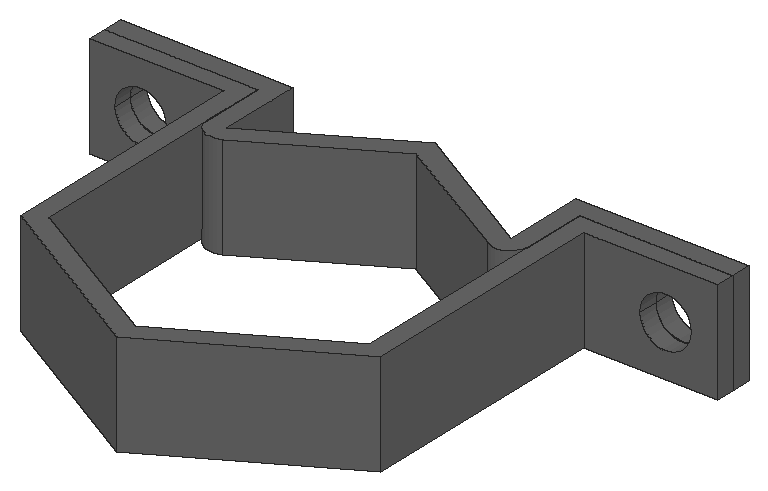
Revit family "UPEX_Abraca_Registro", category Pipe Accessories, Revit 2025
Family settings
  Round Connector Dimension = Use Diameter
  Part Type = Normal
  OmniClass Number = 23.60.30.11.14
  OmniClass Title = Pipework Fittings
  Work Plane-Based = No
  Always vertical = Yes
  Cut with Voids When Loaded = No
  Shared = No
Parameters (values of type "1/2"")
  URL = "https://www.ultrapex.com.br/_files/ugd/9f3173_32d47a29bbff48b5af4781a5d529eee8.pdf"
  ULTRAPEX: Versão = "00"  # constant formula
  ULTRAPEX: Norma Técnica = "NBR 15939"  # constant formula
  ULTRAPEX: Descrição = "Abraçadeira Sextavada Tipo M Para Registro 1/2\" - ULTRAPEX"
  ULTRAPEX: Código = 4040012
  Type Image = Abracadeira Tipo M.png
  Material Metálico = Aço ULTRAPEX
  IfcExportAs = "IfcPipeFittingType"  # constant formula
  Manufacturer = "UltraPEX"  # constant formula
  Espessura Bancada [instance] = 5 mm
  Default Elevation = 0 mm
  Diâmetro Nominal = 20 mm  # constant formula
  Description = ULTRAPEX: Descrição  # "Abraçadeira Sextavada Tipo M Para Registro 1/2\" - ULTRAPEX"
  Cota D = Cota A / 2 * tan(30.00°)  # 7.217 mm
  Cota C = 14.641 mm
  Cota B = 20.4 mm
  Cota A = 25 mm
Types (3, lengths in mm): name | ULTRAPEX: Descrição | ULTRAPEX: Código | Description | Cota D | Cota C | Cota B | Cota A
  1/2" | "Abraçadeira Sextavada Tipo M Para Registro 1/2\" - ULTRAPEX" | 4040012 | "Abraçadeira Sextavada Tipo M Para Registro 1/2\" - ULTRAPEX" | 7.217 | 14.641 | 20.4 | 25
  3/4" | "Abraçadeira Sextavada Tipo M Para Registro 3/4\" - ULTRAPEX" | 4040034 | "Abraçadeira Sextavada Tipo M Para Registro 3/4\" - ULTRAPEX" | 9.093 | 22 | 23.7 | 31.5
  1" | "Abraçadeira Sextavada Tipo M Para Registro 1\" - ULTRAPEX" | 4040001 | "Abraçadeira Sextavada Tipo M Para Registro 1\" - ULTRAPEX" | 11.547 | 28.4 | 27.9 | 40
Reference planes
  plane 1 "Centro (Frente/Trás)": y = 0
  plane 2: z = 0
  plane 3 "Centro (Esquerda/Direita)": x = 0
  plane 4: x = -12.5
  plane 5: x = 12.5
  plane 6: y = -21.858
  plane 7: y = -7.217
  plane 8: x = -20.4
  plane 9: x = 20.4
  plane 10: y = -14.537
Forms (mm)
  Extrusion 1, solid, material "Aço ULTRAPEX" <- "Material Metálico", detail levels medium+fine
    sketch origin (0, 0, 0) x (1, 0, 0) y (0, 1, 0)
      loop
        line (-24.4, -3) -> (-14, -3) -> (-14, -22.724) -> (0, -30.807) -> (14, -22.724) -> (14, -3) -> (24.4, -3) -> (24.4, -1.5) -> (12.5, -1.5) -> (12.5, -21.858) -> (0, -29.074) -> (-12.5, -21.858) -> (-12.5, -1.5) -> (-24.4, -1.5) -> (-24.4, -3)
    from 4 to -4
  Extrusion 2, solid, material "Aço ULTRAPEX" <- "Material Metálico", detail levels medium+fine
    sketch origin (0, 0, 0) x (1, 0, 0) y (0, 1, 0)
      loop
        line (-24.4, -1.5) -> (-12.5, -1.5) -> (-12.5, -6.405)
        arc (-12.5, -6.405) -> (-11.757, -7.692) -> (-10.27, -7.692) r 1.486
        line (-10.27, -7.692) -> (0, -1.762) -> (10.27, -7.692)
        arc (10.27, -7.692) -> (11.757, -7.692) -> (12.5, -6.405) r 1.486
        line (12.5, -6.405) -> (12.5, -1.5) -> (24.4, -1.5) -> (24.4, 0) -> (11.026, 0) -> (11.026, -6.366) -> (0, 0) -> (-11.026, -6.366) -> (-11.026, 0) -> (-24.4, 0) -> (-24.4, -1.5)
    from -4 to 4
  Extrusion 3, void
    sketch origin (0, 0, 0) x (1, 0, 0) y (0, 0, 1)
      loop
        circle (20.4, 0) r 2
      loop
        circle (-20.4, 0) r 2
    from 0 to 3
Cuts and joins
  Extrusion 3 cuts Extrusion 1
  Extrusion 3 cuts Extrusion 2
Dimensions and locks
  equal spacing: plane 4, plane 3 "Centro (Esquerda/Direita)", plane 5
  "Cota A": plane 4 to plane 5
  Extrusion 1 sketch curve to plane 4 = 1.5 mm
  plane 5 to Extrusion 1 sketch curve = 1.5 mm
  Extrusion 1 sketch curve to plane 1 "Centro (Frente/Trás)" = 1.5 mm
  Extrusion 1 sketch curve to plane 1 "Centro (Frente/Trás)" = 3 mm
  locked: Extrusion 1 sketch curve to Extrusion 1 sketch curve at 1.5  (x2)
  "Cota C": plane 7 to plane 6
  "Cota D": plane 7 to plane 1 "Centro (Frente/Trás)"
  locked: Extrusion 2 sketch curve to plane 1 "Centro (Frente/Trás)" at 1.5  (x2)
  locked: plane 4 to Extrusion 2 sketch curve at 1.474
  locked: plane 7 to Extrusion 2 sketch curve at 0.674  (x2)
  locked: plane 4 to Extrusion 2 sketch curve at 2.23
  locked: Extrusion 2 sketch curve to plane 5 at 1.474
  locked: Extrusion 2 sketch curve to plane 5 at 2.23
  locked: Extrusion 2 sketch curve to plane 7 at 0.812  (x2)
  "Cota B": Extrusion 3 sketch curve to plane 3 "Centro (Esquerda/Direita)"
  equal spacing: Extrusion 3 sketch curve, plane 2, Extrusion 3 sketch curve  (x2)
  "Cota B": plane 3 "Centro (Esquerda/Direita)" to Extrusion 3 sketch curve
  "Cota B": plane 8 to plane 3 "Centro (Esquerda/Direita)"
  "Cota B": plane 3 "Centro (Esquerda/Direita)" to plane 9
  locked: Extrusion 1 sketch curve to plane 8 at 4
  locked: plane 9 to Extrusion 1 sketch curve at 4
  locked: Extrusion 2 sketch curve to plane 8 at 4
  locked: plane 9 to Extrusion 2 sketch curve at 4
  equal spacing: plane 7, plane 10, plane 6
  locked: Extrusion 1 sketch curve to plane 6 (angle 30.00°)  (x2)
  locked: plane 6 to Extrusion 1 sketch curve (angle 30.00°)  (x2)
  locked: plane 7 to Extrusion 2 sketch curve (angle 30.00°)  (x2)
  locked: Extrusion 2 sketch curve to plane 1 "Centro (Frente/Trás)" (angle 30.00°)  (x2)
  aligned and locked: level to plane 2
  aligned and locked: Extrusion 1 sketch curve to plane 5
  aligned and locked: Extrusion 1 sketch curve to plane 4
  aligned and locked: Extrusion 1 sketch curve to Extrusion 1 sketch curve  (x2)
  aligned and locked: plane 6 to Extrusion 1 sketch curve  (x2)
  aligned and locked: plane 1 "Centro (Frente/Trás)" to Extrusion 2 sketch curve  (x2)
  aligned and locked: Extrusion 2 sketch curve to plane 1 "Centro (Frente/Trás)"
  aligned and locked: plane 5 to Extrusion 2 sketch curve
Automatic sketch dimensions
  Extrusion 2 sketch curve to plane 3 "Centro (Esquerda/Direita)" = 0 mm  (x2)
  radius of Extrusion 3 sketch curve = 2 mm  (x2)
